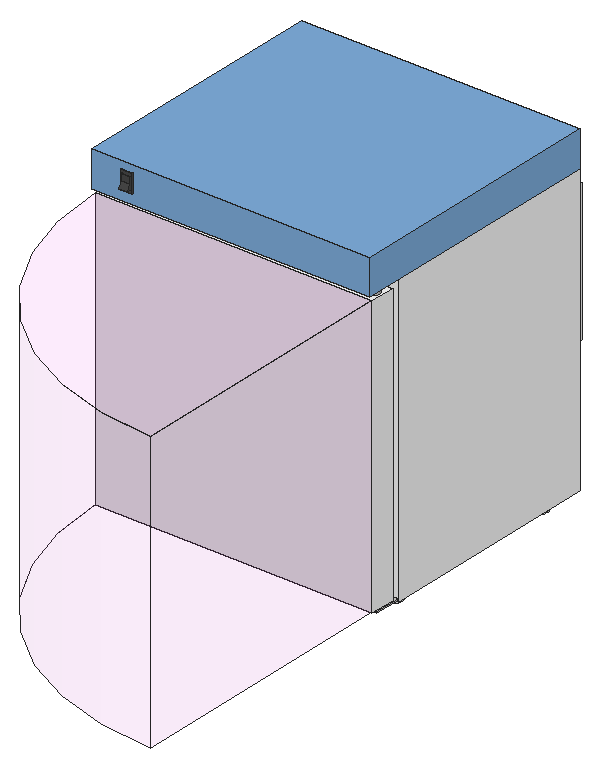
Revit family "QF_Summit_ACR161W_19 Wide_Compact_Healthcare_Refrigerator", category Specialty Equipment, Revit 2020
Family settings
  Round Connector Dimension = Use Diameter
  Part Type = Normal
  Work Plane-Based = No
  Always vertical = Yes
  Cut with Voids When Loaded = No
  Shared = No
  Room Calculation Point = No
Parameters
  Weight in Pounds = 38
  Watts = Volts * FL Amps  # 69 W
  Volts = 115 V
  URL Cutsheet = ""
  Specification by User = ""
  Specification by Manufacturer = ""
  Show Right Hand Door [instance] = yes
  Show Left Hand Door [instance] = not(Show Right Hand Door)  # no
  Show Clearance [instance] = yes
  Serial Number = ""
  Seismic Rating = ""
  SMACNA No = ""
  Revision Code = ""
  Refrigerant Type = "R600a"
  Phase = 1
  Number of Poles = 1
  NAFEM Spec ID Number = ""
  Model = "ACR161W"
  Min Ckt Ampacity = 0 A
  Max Overcurrent Protection = 0 A
  Masterspec = ""
  Manufacturer = "Summit"
  Length = 18 3/4"
  Item Number = ""
  Installed By = ""
  Identify Quantity as Lot = yes
  Height = 22 7/8"
  HP = ""
  Furnished By = ""
  Foodservice Equipment Identifier = yes
  FL Amps = 0.6 A
  Electrical Remarks = ""
  Electric Connection Type = ""
  Elec Conn RI Height = 0"
  Elec Conn Connection Height = 0"
  Description = "19\" Wide Compact Healthcare Refrigerator"
  Depth = 18 3/8"
  Default Elevation = 0"
  Cycle = 60 Hz
  Conn Plug = ""
  Conn Conduit = yes
  CSI MasterFormat = ""
  Apparent Power = 0 VA
Reference planes (in)
  plane 1 "BACK": y = 0
  plane 2: z = 0
  plane 3 "LEFT": x = 0
  plane 4 "RIGHT": x = 18.75
  plane 5 "FRONT": y = -18.375
  plane 6 "TOP": z = 22.875
  plane 7 "Center Y": x = 9.375
  plane 8 "Center X": y = -9.1875
Forms (in)
  Extrusion 1, solid, material "QF_Plastic_Light_Blue_Smooth"
    sketch origin (-38.39759, -180, 22.875) x (-1, 0, 0) y (0, -1, 0)
      loop
        line (-38.39759, -179.375) -> (-38.39759, -161.625) -> (-57.14759, -161.625) -> (-57.14759, -179.375) -> (-38.39759, -179.375)
    from 0 to -2.375
  Extrusion 2, solid, material "QF_Plastic_White_Smooth"
    sketch origin (-1.36756, -180, 1) x (-1, 0, 0) y (0, -1, 0)
      loop
        line (-1.36756, -179.375) -> (-1.36756, -164.125) -> (-20.11756, -164.125) -> (-20.11756, -179.375) -> (-1.36756, -179.375)
    from 0 to 19.5
  Extrusion 3, void
    sketch origin (0, -3.75, 18.875) x (0, 0, -1) y (1, 0, 0)
      loop
        line (0, 1.5625) -> (16.625, 1.5625) -> (16.625, 17.1875) -> (0, 17.1875) -> (0, 1.5625)
    from 0 to 12.625
  Extrusion 4, solid, material "QF_Plastic_White_Smooth"
    sketch origin (0.5625, -15.875, 48) x (0, 1, 0) y (0, 0, 1)
      loop
        line (-0.5, -28.375) -> (-0.5, -46.25) -> (0, -46.25) -> (0, -28.375) -> (-0.5, -28.375)
    from 0 to 17.625
  Revolve 5, solid, material "QF_Metallic_Paint_White_Smooth"
    sketch origin (0, -2.125, 0) x (0, 0, -1) y (1, 0, 0)
      loop
        line (-1, 1.5) -> (-1, 1) -> (0, 1) -> (0, 1.5) -> (-1, 1.5)
      axis (-1, 1.5) -> (0, 1.5)
    angle from 0 to 360
  Revolve 6, solid, material "QF_Metallic_Paint_White_Smooth"
    sketch origin (0, -14.375, 0) x (0, 0, -1) y (-1, 0, 0)
      loop
        line (-1, -1.5) -> (0, -1.5) -> (0, -1) -> (-1, -1) -> (-1, -1.5)
      axis (-1, -1.5) -> (0, -1.5)
    angle from 0 to 360
  Revolve 7, solid, material "QF_Metallic_Paint_White_Smooth"
    sketch origin (18.75, -2.125, 0) x (0, 0, -1) y (1, 0, 0)
      loop
        line (-1, -1.5) -> (0, -1.5) -> (0, -1) -> (-1, -1) -> (-1, -1.5)
      axis (-1, -1.5) -> (0, -1.5)
    angle from 0 to 360
  Extrusion 8, solid, material "QF_Plastic_White_Smooth"
    sketch origin (18.75, 0, 0) x (0, -1, 0) y (0, 0, 1)
      loop
        line (0.5, 8.5) -> (0.5, 1) -> (0.625, 1) -> (0.625, 8.5) -> (0.5, 8.5)
      loop
        line (0.625, 19.25) -> (0, 19.25) -> (0, 9.75) -> (0.625, 9.75) -> (0.625, 19.25)
    from 0.375 to 18.375
  Extrusion 9, solid, material "QF_Metal_Stainless_Polished"
    sketch origin (0, 0, 0) x (1, 0, 0) y (0, 0, 1)
      loop
        circle (16.6048, 1.28164) r 0.125
    from 0.5 to 0.48907
  Revolve 10, solid, material "QF_Metallic_Paint_White_Smooth"
    sketch origin (18.75, -14.375, 0) x (0, 0, -1) y (-1, 0, 0)
      loop
        line (-1, 1.5) -> (-1, 1) -> (0, 1) -> (0, 1.5) -> (-1, 1.5)
      axis (-1, 1.5) -> (0, 1.5)
    angle from 0 to 360
  Extrusion 11, solid, material "QF_Metal_Stainless_Polished"
    sketch origin (-2.83942, -18.375, -0.38) x (1, 0, 0) y (0, 0, 1)
      loop
        line (4.83942, 22.77799) -> (4.83942, 21.52799) -> (5.58942, 21.52799) -> (5.58942, 22.77799) -> (4.83942, 22.77799)
    from 0 to 0.06284
  Extrusion 12, solid, material "QF_Metal_Stainless_Polished"
    sketch origin (2.375, -177.375, 33.26799) x (0, 0, -1) y (0, -1, 0)
      loop
        line (11.495, -158.93716) -> (11.89901, -158.93716) -> (11.89901, -158.67814) -> (11.495, -158.86654) -> (11.09362, -158.86654) -> (11.09362, -158.93716) -> (11.495, -158.93716)
    from -0.28042 to 0.28363
Cuts and joins
  Extrusion 3 cuts Extrusion 2
  Extrusion 3 cuts Extrusion 4
Lines and regions (in)
  Split face 1
    outline origin (2.245, -18.375, 20.7525) x (0, 0, 1) y (-1, 0, 0)
      loop
        circle (0.9766, -7.13) r 0.5
  Split face 2
    outline origin (2.245, -18.375, 20.7525) x (0, 0, 1) y (-1, 0, 0)
      loop
        circle (0.9766, -7.13) r 0.25
  Split face 3
    outline origin (-0.065, -18.375, 20.19) x (0, 0, 1) y (-1, 0, 0)
      loop
        line (2.10399, -11.23542) -> (0.85399, -11.23542) -> (0.85399, -14.48542) -> (2.10399, -14.48542) -> (2.10399, -11.23542)
  Split face 4
    outline origin (-0.065, -18.375, 19.94) x (0, 0, 1) y (-1, 0, 0)
      loop
        line (2.60301, -14.95537) -> (0.85497, -14.95537) -> (0.85497, -18.45537) -> (2.60301, -18.45537) -> (2.60301, -14.95537)
  Split face 5
    outline origin (-0.065, -18.375, 19.94) x (0, 0, 1) y (-1, 0, 0)
      loop
        line (2.33838, -15.41838) -> (1.08838, -15.41838) -> (1.08838, -18.01344) -> (2.33838, -18.01344) -> (2.33838, -15.41838)
  symbolic lines
    curve 1: line (0, -0.625, 0) -> (18.75, -0.625, 0)
    curve 2: line (0, -18.375, 0) -> (0, -0.625, 0)
    curve 3: line (18.75, -18.375, 0) -> (0, -18.375, 0)
    curve 4: line (18.75, -0.625, 0) -> (18.75, -18.375, 0)
    curve 5: line (0.375, 0, 0) -> (0.375, -0.625, 0)
    curve 6: line (18.375, 0, 0) -> (0.375, 0, 0)
    curve 7: line (18.375, 0, 0) -> (18.375, -0.625, 0)
  symbolic lines, style "QF_Clearances_Door_Drawer"
    curve 8: line (2, -18.375, 0) -> (2, -18.43784, 0)
    curve 9: line (2, -18.43784, 0) -> (2.75, -18.43784, 0)
    curve 10: line (2.75, -18.43784, 0) -> (2.75, -18.375, 0)
    curve 11: line (2.09137, -18.69686, 0) -> (2.09137, -18.43784, 0)
    curve 12: line (2.09137, -18.69686, 0) -> (2.65542, -18.69686, 0)
    curve 13: line (2.65542, -18.43784, 0) -> (2.65542, -18.69686, 0)
    curve 14: line (9, -18.40625, 0) -> (9, -18.375, 0)
    curve 15: line (9, -18.40625, 0) -> (9.75, -18.40625, 0)
    curve 16: line (9.75, -18.40625, 0) -> (9.75, -18.375, 0)
    curve 17: line (11.5, -18.375, 0) -> (11.5, -18.40625, 0)
    curve 18: line (11.5, -18.40625, 0) -> (14.5, -18.40625, 0)
    curve 19: line (14.5, -18.40625, 0) -> (14.5, -18.375, 0)
    curve 20: line (15.25, -18.375, 0) -> (15.25, -18.40625, 0)
    curve 21: line (15.25, -18.40625, 0) -> (18.25, -18.40625, 0)
    curve 22: line (18.25, -18.40625, 0) -> (18.25, -18.375, 0)
    curve 23: line (2.09137, -18.50846, 0) -> (2.65542, -18.50846, 0)
Dimensions and locks (in)
  equal spacing: plane 3 "LEFT", plane 7 "Center Y", plane 4 "RIGHT"
  "Length": plane 3 "LEFT" to plane 4 "RIGHT"
  equal spacing: plane 5 "FRONT", plane 8 "Center X", plane 1 "BACK"
  "Depth": plane 5 "FRONT" to plane 1 "BACK"
  "Height": plane 6 "TOP" to level
  aligned and locked: level to plane 2
Automatic sketch dimensions
  curve 1 to plane 3 "LEFT" = 0"
  plane 1 "BACK" to curve 6 = 0"
  plane 5 "FRONT" to curve 8 = 0"
  curve 4 to plane 4 "RIGHT" = 0"
  plane 3 "LEFT" to curve 6 = 3/8"
  plane 5 "FRONT" to curve 9 = 0.06284"
  plane 3 "LEFT" to curve 9 = 2"
  curve 8 to curve 12 = 0.09137"
  plane 5 "FRONT" to curve 13 = 0.32186"
  curve 11 to curve 13 = 0.56404"
  curve 13 to curve 10 = 0.09458"
  plane 5 "FRONT" to curve 14 = 1/32"
  curve 14 to plane 7 "Center Y" = 3/8"
  plane 7 "Center Y" to curve 16 = 3/8"
  plane 5 "FRONT" to curve 17 = 1/32"
  curve 15 to curve 17 = 1 3/4"
  curve 17 to curve 18 = 3"
  plane 5 "FRONT" to curve 20 = 1/32"
  curve 18 to curve 20 = 3/4"
  plane 4 "RIGHT" to curve 21 = 1/2"
  plane 4 "RIGHT" to curve 7 = 3/8"
  plane 1 "BACK" to curve 1 = 5/8"
  Extrusion 1 sketch curve to plane 4 "RIGHT" = 0"
  Extrusion 1 sketch curve to plane 3 "LEFT" = 0"
  plane 5 "FRONT" to Extrusion 1 sketch curve = 0"
  plane 1 "BACK" to Extrusion 1 sketch curve = 5/8"
  Extrusion 2 sketch curve to plane 4 "RIGHT" = 0"
  Extrusion 2 sketch curve to plane 3 "LEFT" = 0"
  plane 1 "BACK" to Extrusion 2 sketch curve = 5/8"
  Extrusion 2 sketch curve to plane 5 "FRONT" = 2 1/2"
  plane 4 "RIGHT" to Extrusion 3 sketch curve = 1 9/16"
  Extrusion 3 sketch curve to plane 6 "TOP" = 4"
  level to Extrusion 3 sketch curve = 2 1/4"
  plane 3 "LEFT" to Extrusion 3 sketch curve = 1 9/16"
  Extrusion 4 sketch curve to plane 5 "FRONT" = 2"
  Extrusion 4 sketch curve to Extrusion 4 sketch curve = 1/2"
  level to Extrusion 4 sketch curve = 1 3/4"
  Extrusion 4 sketch curve to plane 6 "TOP" = 3 1/4"
  Revolve 5 sketch curve to level = 0"
  level to Revolve 5 sketch curve = 1"
  plane 3 "LEFT" to Revolve 5 sketch curve = 1"
  Revolve 5 sketch curve to Revolve 5 sketch curve = 1/2"
  Revolve 5 sketch curve to Revolve 5 sketch curve = 1/4"
  Revolve 5 sketch curve to Revolve 5 sketch curve = 0"  (x2)
  Revolve 6 sketch curve to level = 0"
  level to Revolve 6 sketch curve = 1"
  plane 3 "LEFT" to Revolve 6 sketch curve = 1 1/2"
  Revolve 6 sketch curve to Revolve 6 sketch curve = 1/2"
  Revolve 6 sketch curve to Revolve 6 sketch curve = 1/4"
  Revolve 6 sketch curve to Revolve 6 sketch curve = 0"  (x2)
  Revolve 7 sketch curve to level = 0"
  level to Revolve 7 sketch curve = 1"
  plane 4 "RIGHT" to Revolve 7 sketch curve = 1 1/2"
  Revolve 7 sketch curve to Revolve 7 sketch curve = 1/2"
  Revolve 7 sketch curve to Revolve 7 sketch curve = 1/4"
  Revolve 7 sketch curve to Revolve 7 sketch curve = 0"  (x2)
  Extrusion 8 sketch curve to plane 1 "BACK" = 0"
  plane 1 "BACK" to Extrusion 8 sketch curve = 1/2"
  Extrusion 8 sketch curve to Extrusion 8 sketch curve = 1/8"
  plane 1 "BACK" to Extrusion 8 sketch curve = 5/8"
  level to Extrusion 8 sketch curve = 1"
  Extrusion 8 sketch curve to Extrusion 8 sketch curve = 7 1/2"
  Extrusion 8 sketch curve to Extrusion 8 sketch curve = 1 1/4"
  Extrusion 8 sketch curve to plane 6 "TOP" = 3 5/8"
  plane 4 "RIGHT" to Extrusion 9 sketch curve = 2.1452"
  level to Extrusion 9 sketch curve = 1.28164"
  Revolve 10 sketch curve to level = 0"
  level to Revolve 10 sketch curve = 1"
  plane 4 "RIGHT" to Revolve 10 sketch curve = 1"
  Revolve 10 sketch curve to Revolve 10 sketch curve = 1/2"
  Revolve 10 sketch curve to Revolve 10 sketch curve = 1/4"
  Revolve 10 sketch curve to Revolve 10 sketch curve = 0"  (x2)
  Split face 1 sketch curve to Extrusion 1 = 1.1459"
  Split face 1 sketch curve to Extrusion 1 = 9 3/8"
  Split face 2 sketch curve to Extrusion 1 = 1.1459"
  Split face 2 sketch curve to Extrusion 1 = 9 3/8"
  Split face 3 sketch curve to Extrusion 1 = 0.54399"
  Split face 3 sketch curve to Extrusion 1 = 0.58101"
  Split face 3 sketch curve to Extrusion 1 = 4.32958"
  Split face 3 sketch curve to Split face 3 sketch curve = 3 1/4"
  Split face 4 sketch curve to Extrusion 1 = 0.29497"
  Split face 4 sketch curve to Extrusion 1 = 0.33199"
  Split face 4 sketch curve to Extrusion 1 = 0.35963"
  Split face 4 sketch curve to Split face 4 sketch curve = 3 1/2"
  Split face 5 sketch curve to Extrusion 1 = 0.52838"
  Split face 5 sketch curve to Extrusion 1 = 0.59662"
  Split face 5 sketch curve to Extrusion 1 = 0.80156"
  Split face 5 sketch curve to Split face 5 sketch curve = 2.59507"
  plane 3 "LEFT" to Extrusion 11 sketch curve = 2"
  Extrusion 11 sketch curve to Extrusion 11 sketch curve = 3/4"
  Extrusion 11 sketch curve to plane 6 "TOP" = 1.72701"
  Extrusion 11 sketch curve to plane 6 "TOP" = 0.47701"
  plane 5 "FRONT" to Extrusion 12 sketch curve = 0.13346"
  Extrusion 12 sketch curve to plane 6 "TOP" = 0.70063"
  plane 5 "FRONT" to Extrusion 12 sketch curve = 0.06284"
  Extrusion 12 sketch curve to Extrusion 12 sketch curve = 0.40138"
  Extrusion 12 sketch curve to Extrusion 12 sketch curve = 0"
  Extrusion 12 sketch curve to Extrusion 12 sketch curve = 0.40401"
  Extrusion 12 sketch curve to Extrusion 12 sketch curve = 0.25902"
  curve 23 to curve 13 = 0.07062"
  radius of Extrusion 9 sketch curve = 1/8"
  radius of Split face 1 sketch curve = 1/2"
  radius of Split face 2 sketch curve = 1/4"
Nested families (in)
  nested 1: "RHD AND LHD" at (0, -16.375, -0.7525), Show Clearance <- "Show Clearance", Show Left Hand Door <- "Show Left Hand Door", Show Right Hand Door <- "Show Right Hand Door", type "RHD AND LHD"
    with Show Right Hand Door yes, Show Left Hand Door no, Show Clearance yes, Right Hand Door yes, Left Hand Door no, Clearance yes
Connectors (in)
  electrical at (16.6048, -0.48907, 1.28164), driven by "Volts", driven by "Watts"
    settings: on Extrusion 9, index 1, voltage 115 V, apparent load 69 VA, apparent load phase1 0 VA, apparent load phase2 0 VA, apparent load phase3 0 VA, power factor 1, load classification "Other", number of poles 1, system type 30, power factor state 1, is connector primary yes, connector utility no, sub classification motor no, connector description "ELECTRICAL CONNECTION"
Definition of nested family "RHD AND LHD"
  Parameters (values of type "RHD AND LHD")
    Weight in Pounds = 0
    URL Cutsheet = ""
    Specification by User = ""
    Specification by Manufacturer = ""
    Show Right Hand Door [instance] = yes
    Show Left Hand Door [instance] = yes
    Show Clearance [instance] = yes
    Serial Number = ""
    Seismic Rating = ""
    SMACNA No = ""
    Right Hand Door [instance] = Show Right Hand Door  # yes
    Revision Code = ""
    NAFEM Spec ID Number = ""
    Masterspec = ""
    Length = 18 3/4"
    Left Hand Door [instance] = Show Left Hand Door  # yes
    Item Number = ""
    Installed By = ""
    Identify Quantity as Lot = yes
    Height = 22.88"
    Furnished By = ""
    Foodservice Equipment Identifier = yes
    Depth = 1 3/4"
    Default Elevation = 0"
    Clearance [instance] = Show Clearance  # yes
    CSI MasterFormat = ""
  Reference planes (in)
    plane 1 "BACK": y = 0
    plane 2: z = 0
    plane 3 "LEFT": x = 0
    plane 4 "RIGHT": x = 18.75
    plane 5 "FRONT": y = -1.75
    plane 6 "TOP": z = 22.88
    plane 7 "Center Y": x = 9.375
    plane 8 "Center X": y = -0.875
  Dimensions and locks (in)
    equal spacing: plane 3 "LEFT", plane 7 "Center Y", plane 4 "RIGHT"
    "Length": plane 3 "LEFT" to plane 4 "RIGHT"
    equal spacing: plane 5 "FRONT", plane 8 "Center X", plane 1 "BACK"
    "Depth": plane 5 "FRONT" to plane 1 "BACK"
    "Height": plane 6 "TOP" to level
    aligned and locked: level to plane 2
  Nested families (in)
    nested 1: "RHD" at (0, 0, 0), Show Clearance <- "Show Clearance", Show Right Hand Door <- "Right Hand Door", visible <- "Right Hand Door", type "RHD"
      with Show Right Hand Door yes, Show Clearance yes, Right Hand Door yes, Clearance yes
    nested 2: "LHD" at (0, 0, 0), Show Clearance <- "Show Clearance", Show Left Hand Door <- "Left Hand Door", visible <- "Left Hand Door", type "LHD"
      with Show Left Hand Door yes, Show Clearance yes, Left Hand Door yes, Clearance yes
  Definition of nested family "RHD"
    Parameters (values of type "RHD")
      Weight in Pounds = 0
      URL Cutsheet = ""
      Specification by User = ""
      Specification by Manufacturer = ""
      Show Right Hand Door [instance] = yes
      Show Clearance [instance] = yes
      Serial Number = ""
      Seismic Rating = ""
      SMACNA No = ""
      Right Hand Door [instance] = Show Right Hand Door  # yes
      Revision Code = ""
      NAFEM Spec ID Number = ""
      Masterspec = ""
      Length = 18 3/4"
      Item Number = ""
      Installed By = ""
      Identify Quantity as Lot = yes
      Height = 22.88"
      Furnished By = ""
      Foodservice Equipment Identifier = yes
      Depth = 1 3/4"
      Default Elevation = 0"
      Clearance [instance] = Show Clearance  # yes
      CSI MasterFormat = ""
    Reference planes (in)
      plane 1 "BACK": y = 0
      plane 2: z = 0
      plane 3 "LEFT": x = 0
      plane 4 "RIGHT": x = 18.75
      plane 5 "FRONT": y = -1.75
      plane 6 "TOP": z = 22.88
      plane 7 "Center Y": x = 9.375
      plane 8 "Center X": y = -0.875
    Forms (in)
      Extrusion 1, solid, visible <- "Right Hand Door"
        sketch origin (-2.76448, -1.75, 48) x (-1, 0, 0) y (0, 0, 1)
          loop
            line (-2.82698, -27.1225) -> (-21.45198, -27.1225) -> (-21.45198, -45.9975) -> (-2.82698, -45.9975) -> (-2.82698, -27.1225)
        from 0 to 1.75
      Extrusion 2, solid, visible <- "Right Hand Door"
        sketch origin (0, -0.25, 0) x (0, 1, 0) y (0, 0, 1)
          loop
            arc (0.125, 15.6275) -> (0.05178, 15.80428) -> (-0.125, 15.8775) r 0.25
            line (-0.125, 15.8775) -> (-1.125, 15.8775)
            arc (-1.125, 15.8775) -> (-1.30178, 15.80428) -> (-1.375, 15.6275) r 0.25
            line (-1.375, 15.6275) -> (-1.375, 8.1275)
            arc (-1.375, 8.1275) -> (-1.30178, 7.95072) -> (-1.125, 7.8775) r 0.25
            line (-1.125, 7.8775) -> (-0.125, 7.8775)
            arc (-0.125, 7.8775) -> (0.05178, 7.95072) -> (0.125, 8.1275) r 0.25
            line (0.125, 8.1275) -> (0.125, 15.6275)
          loop
            arc (-0.125, 15.12512) -> (-0.625, 15.62512) -> (-1.125, 15.12512) r 0.5
            line (-1.125, 15.12512) -> (-1.125, 8.6275)
            arc (-1.125, 8.6275) -> (-0.625, 8.1275) -> (-0.125, 8.6275) r 0.5
            line (-0.125, 8.6275) -> (-0.125, 15.12512)
        from 0 to 0.0625
      Extrusion 3, void
        sketch origin (0, -0.25, 0) x (0, 1, 0) y (0, 0, 1)
          loop
            line (-0.125, 8.6275) -> (-0.125, 15.12512)
            arc (-0.125, 15.12512) -> (-0.625, 15.62512) -> (-1.125, 15.12512) r 0.5
            line (-1.125, 15.12512) -> (-1.125, 8.6275)
            arc (-1.125, 8.6275) -> (-0.625, 8.1275) -> (-0.125, 8.6275) r 0.5
        from 0 to 0.33876
      Extrusion 4, solid, visible <- "Clearance"
        sketch origin (16.53697, -1.75, 2.0025) x (0, 1, 0) y (1, 0, 0)
          loop
            line (0, -16.47447) -> (0, 2.15053) -> (-18.625, 2.15053)
            arc (-18.625, 2.15053) -> (-13.16986, -11.01933) -> (0, -16.47447) r 18.625
        from 0 to -18.875
      Revolve 5, solid, visible <- "Right Hand Door"
        sketch origin (18.25, -163.625, 21.2525) x (0, 0, 1) y (0, -1, 0)
          loop
            line (-0.375, -162.75) -> (-0.375, -163) -> (0, -163) -> (0, -162.75) -> (-0.375, -162.75)
          axis (0, -162.75) -> (-0.375, -162.75)
        angle from 0 to 360
      Extrusion 6, solid, visible <- "Right Hand Door"
        sketch origin (18.75, 0.5, 1.7525) x (-1, 0, 0) y (0, 0, -1)
          loop
            line (0.9375, -0.15066) -> (0.9375, -0.08986) -> (0.0625, -0.08986) -> (0.0625, -0.15066) -> (0.9375, -0.15066)
        from 0 to 1.84933
      Revolve 7, solid, visible <- "Right Hand Door"
        sketch origin (18.25, -163.625, 2.0025) x (0, 0, 1) y (0, -1, 0)
          loop
            line (-0.09934, -162.75) -> (-0.09934, -163) -> (0, -163) -> (0, -162.75) -> (-0.09934, -162.75)
          axis (0, -162.75) -> (-0.09934, -162.75)
        angle from 0 to 360
    Cuts and joins
      Extrusion 3 cuts Extrusion 1
      Extrusion 3 cuts Extrusion 2
    Lines and regions (in)
      symbolic lines, visible <- "Clearance"
        curve 1: arc (2.66712, -11.24937, 0) -> (0.72545, -6.67499, 0) -> (0.0625, -1.75, 0) r 18.625
        curve 2: line (18.6875, -2, 0) -> (2.66712, -11.24937, 0)
    Dimensions and locks (in)
      equal spacing: plane 3 "LEFT", plane 7 "Center Y", plane 4 "RIGHT"
      "Length": plane 3 "LEFT" to plane 4 "RIGHT"
      equal spacing: plane 5 "FRONT", plane 8 "Center X", plane 1 "BACK"
      "Depth": plane 5 "FRONT" to plane 1 "BACK"
      "Height": plane 6 "TOP" to level
      aligned and locked: level to plane 2
    Automatic sketch dimensions
      plane 4 "RIGHT" to Extrusion 1 sketch curve = 1/16"
      plane 3 "LEFT" to Extrusion 1 sketch curve = 1/16"
      level to Extrusion 1 sketch curve = 2.0025"
      Extrusion 1 sketch curve to plane 6 "TOP" = 2.0025"
      Extrusion 2 sketch curve to Extrusion 2 sketch curve = 1/4"  (x3)
      Extrusion 2 sketch curve to Extrusion 2 sketch curve = 1/2"  (x3)
      Extrusion 2 sketch curve to Extrusion 2 sketch curve = 0"  (x2)
      level to Extrusion 2 sketch curve = 7.8775"
      Extrusion 2 sketch curve to Extrusion 2 sketch curve = 6.49762"
      Extrusion 2 sketch curve to Extrusion 2 sketch curve = 0.50238"
      Extrusion 3 sketch curve to Extrusion 3 sketch curve = 1/2"
      level to Extrusion 3 sketch curve = 8.6275"
      Extrusion 3 sketch curve to Extrusion 3 sketch curve = 6.49762"
      Extrusion 4 sketch curve to Extrusion 1 = 0"  (x2)
      Extrusion 1 to Extrusion 4 sketch curve = 0"
      Extrusion 2 sketch curve to plane 5 "FRONT" = 1/8"
      Extrusion 3 sketch curve to plane 5 "FRONT" = 3/8"
      plane 5 "FRONT" to curve 1 = 0"
      plane 4 "RIGHT" to curve 1 = 1/16"
      plane 4 "RIGHT" to curve 2 = 1/16"
      plane 3 "LEFT" to curve 2 = 2.66712"
      plane 3 "LEFT" to curve 1 = 1/16"
      curve 2 to curve 1 = 1/4"
      Revolve 5 sketch curve to plane 8 "Center X" = 0"  (x2)
      Revolve 5 sketch curve to plane 6 "TOP" = 2.0025"
      Revolve 5 sketch curve to Revolve 5 sketch curve = 3/8"
      Revolve 5 sketch curve to Revolve 5 sketch curve = 1/4"
      Revolve 5 sketch curve to Revolve 5 sketch curve = 0.12972"
      Revolve 5 sketch curve to Revolve 5 sketch curve = 0"
      plane 4 "RIGHT" to Extrusion 6 sketch curve = 1/16"
      Extrusion 6 sketch curve to Extrusion 6 sketch curve = 7/8"
      level to Extrusion 6 sketch curve = 1.90316"
      Extrusion 6 sketch curve to Extrusion 6 sketch curve = 0.0608"
      Revolve 7 sketch curve to plane 8 "Center X" = 0"  (x2)
      level to Revolve 7 sketch curve = 1.90316"
      Revolve 7 sketch curve to Revolve 7 sketch curve = 0.09934"
      Revolve 7 sketch curve to Revolve 7 sketch curve = 1/4"
      Revolve 7 sketch curve to Revolve 7 sketch curve = 0.03038"
      Revolve 7 sketch curve to Revolve 7 sketch curve = 0"
  Definition of nested family "LHD"
    Parameters (values of type "LHD")
      Weight in Pounds = 0
      URL Cutsheet = ""
      Specification by User = ""
      Specification by Manufacturer = ""
      Show Left Hand Door [instance] = yes
      Show Clearance [instance] = yes
      Serial Number = ""
      Seismic Rating = ""
      SMACNA No = ""
      Left Hand Door [instance] = Show Left Hand Door  # yes
      Revision Code = ""
      NAFEM Spec ID Number = ""
      Masterspec = ""
      Length = 18 3/4"
      Item Number = ""
      Installed By = ""
      Identify Quantity as Lot = yes
      Height = 22.88"
      Furnished By = ""
      Foodservice Equipment Identifier = yes
      Depth = 1 3/4"
      Default Elevation = 0"
      Clearance [instance] = Show Clearance  # yes
      CSI MasterFormat = ""
    Reference planes (in)
      plane 1 "BACK": y = 0
      plane 2: z = 0
      plane 3 "LEFT": x = 0
      plane 4 "RIGHT": x = 18.75
      plane 5 "FRONT": y = -1.75
      plane 6 "TOP": z = 22.88
      plane 7 "Center Y": x = 9.375
      plane 8 "Center X": y = -0.875
    Forms (in)
      Extrusion 1, solid, visible <- "Left Hand Door"
        sketch origin (-2.76448, -1.75, 48) x (-1, 0, 0) y (0, 0, 1)
          loop
            line (-2.82698, -27.1225) -> (-21.45198, -27.1225) -> (-21.45198, -45.9975) -> (-2.82698, -45.9975) -> (-2.82698, -27.1225)
        from 0 to 1.75
      Extrusion 2, solid, visible <- "Left Hand Door"
        sketch origin (18.75, -0.25, 0) x (0, 1, 0) y (0, 0, -1)
          loop
            line (0.125, -15.6275) -> (0.125, -8.1275)
            arc (0.125, -8.1275) -> (0.05178, -7.95072) -> (-0.125, -7.8775) r 0.25
            line (-0.125, -7.8775) -> (-1.125, -7.8775)
            arc (-1.125, -7.8775) -> (-1.30178, -7.95072) -> (-1.375, -8.1275) r 0.25
            line (-1.375, -8.1275) -> (-1.375, -15.6275)
            arc (-1.375, -15.6275) -> (-1.30178, -15.80428) -> (-1.125, -15.8775) r 0.25
            line (-1.125, -15.8775) -> (-0.125, -15.8775)
            arc (-0.125, -15.8775) -> (0.05178, -15.80428) -> (0.125, -15.6275) r 0.25
          loop
            line (-0.125, -15.12512) -> (-0.125, -8.6275)
            arc (-0.125, -8.6275) -> (-0.625, -8.1275) -> (-1.125, -8.6275) r 0.5
            line (-1.125, -8.6275) -> (-1.125, -15.12512)
            arc (-1.125, -15.12512) -> (-0.625, -15.62512) -> (-0.125, -15.12512) r 0.5
        from 0 to 0.0625
      Extrusion 3, solid, visible <- "Clearance"
        sketch origin (2.21303, -1.75, 2.0025) x (0, -1, 0) y (-1, 0, 0)
          loop
            arc (0, -16.47447) -> (13.16986, -11.01933) -> (18.625, 2.15053) r 18.625
            line (18.625, 2.15053) -> (0, 2.15053) -> (0, -16.47447)
        from 0 to -18.875
      Extrusion 4, void
        sketch origin (18.6875, -1.75, 20.8775) x (0, 0, 1) y (0, 1, 0)
          loop
            arc (-5.75238, 0.375) -> (-5.25238, 0.875) -> (-5.75238, 1.375) r 0.5
            line (-5.75238, 1.375) -> (-12.25, 1.375)
            arc (-12.25, 1.375) -> (-12.75, 0.875) -> (-12.25, 0.375) r 0.5
            line (-12.25, 0.375) -> (-5.75238, 0.375)
        from 0 to 0.68518
      Revolve 5, solid, visible <- "Left Hand Door"
        sketch origin (0.5, -163.625, 21.2525) x (0, 0, 1) y (0, -1, 0)
          loop
            line (-0.375, -162.75) -> (-0.375, -163) -> (0, -163) -> (0, -162.75) -> (-0.375, -162.75)
          axis (0, -162.75) -> (-0.375, -162.75)
        angle from 0 to 360
      Extrusion 6, solid, visible <- "Left Hand Door"
        sketch origin (1, 0.5, 1.7525) x (-1, 0, 0) y (0, 0, -1)
          loop
            line (0.9375, -0.15066) -> (0.9375, -0.08986) -> (0.0625, -0.08986) -> (0.0625, -0.15066) -> (0.9375, -0.15066)
        from 0 to 1.84933
      Revolve 7, solid, visible <- "Left Hand Door"
        sketch origin (0.5, -163.625, 2.0025) x (0, 0, 1) y (0, -1, 0)
          loop
            line (-0.09934, -162.75) -> (-0.09934, -163) -> (0, -163) -> (0, -162.75) -> (-0.09934, -162.75)
          axis (0, -162.75) -> (-0.09934, -162.75)
        angle from 0 to 360
    Cuts and joins
      Extrusion 4 cuts Extrusion 1
    Lines and regions (in)
      symbolic lines, visible <- "Left Hand Door"
        curve 1: arc (16.08288, -11.24937, 0) -> (18.02455, -6.67499, 0) -> (18.6875, -1.75, 0) r 18.625
        curve 2: line (0.06419, -2.00098, 0) -> (16.08288, -11.24937, 0)
    Dimensions and locks (in)
      equal spacing: plane 3 "LEFT", plane 7 "Center Y", plane 4 "RIGHT"
      "Length": plane 3 "LEFT" to plane 4 "RIGHT"
      equal spacing: plane 5 "FRONT", plane 8 "Center X", plane 1 "BACK"
      "Depth": plane 5 "FRONT" to plane 1 "BACK"
      "Height": plane 6 "TOP" to level
      aligned and locked: level to plane 2
    Automatic sketch dimensions
      plane 5 "FRONT" to curve 1 = 0"
      plane 3 "LEFT" to curve 1 = 1/16"
      plane 4 "RIGHT" to curve 2 = 2.66712"
      plane 5 "FRONT" to curve 2 = 9.49937"
      plane 3 "LEFT" to curve 2 = 0.06419"
      plane 4 "RIGHT" to Extrusion 1 sketch curve = 1/16"
      plane 3 "LEFT" to Extrusion 1 sketch curve = 1/16"
      level to Extrusion 1 sketch curve = 2.0025"
      Extrusion 1 sketch curve to plane 6 "TOP" = 2.0025"
      Extrusion 2 sketch curve to plane 8 "Center X" = 0"
      Extrusion 2 sketch curve to plane 5 "FRONT" = 3/8"  (x3)
      Extrusion 2 sketch curve to plane 5 "FRONT" = 1/8"
      plane 1 "BACK" to Extrusion 2 sketch curve = 3/8"  (x2)
      plane 1 "BACK" to Extrusion 2 sketch curve = 1/8"
      Extrusion 2 sketch curve to plane 6 "TOP" = 7.0025"
      Extrusion 2 sketch curve to Extrusion 2 sketch curve = 0.50238"
      Extrusion 2 sketch curve to Extrusion 2 sketch curve = 6.49762"
      Extrusion 2 sketch curve to Extrusion 2 sketch curve = 1/2"
      plane 5 "FRONT" to Extrusion 3 sketch curve = 0"
      plane 3 "LEFT" to Extrusion 3 sketch curve = 1/16"
      Extrusion 3 sketch curve to Extrusion 3 sketch curve = 18 5/8"
      plane 5 "FRONT" to curve 2 = 0.25098"
      Extrusion 4 sketch curve to Extrusion 1 = 7/8"
      Extrusion 4 sketch curve to Extrusion 1 = 6 5/8"
      Extrusion 4 sketch curve to Extrusion 1 = 5.75238"
      Extrusion 4 sketch curve to Extrusion 1 = 3/8"
      Revolve 5 sketch curve to plane 8 "Center X" = 0"  (x2)
      Revolve 5 sketch curve to plane 6 "TOP" = 2.0025"
      Revolve 5 sketch curve to Revolve 5 sketch curve = 3/8"
      Revolve 5 sketch curve to Revolve 5 sketch curve = 1/4"
      Revolve 5 sketch curve to Revolve 5 sketch curve = 0.12972"
      Revolve 5 sketch curve to Revolve 5 sketch curve = 0"
      plane 3 "LEFT" to Extrusion 6 sketch curve = 15/16"
      plane 3 "LEFT" to Extrusion 6 sketch curve = 1/16"
      level to Extrusion 6 sketch curve = 1.90316"
      Extrusion 6 sketch curve to Extrusion 6 sketch curve = 0.0608"
      Revolve 7 sketch curve to plane 8 "Center X" = 0"  (x2)
      level to Revolve 7 sketch curve = 1.90316"
      Revolve 7 sketch curve to Revolve 7 sketch curve = 0.09934"
      Revolve 7 sketch curve to Revolve 7 sketch curve = 1/4"
      Revolve 7 sketch curve to Revolve 7 sketch curve = 0.03038"
      Revolve 7 sketch curve to Revolve 7 sketch curve = 0"
